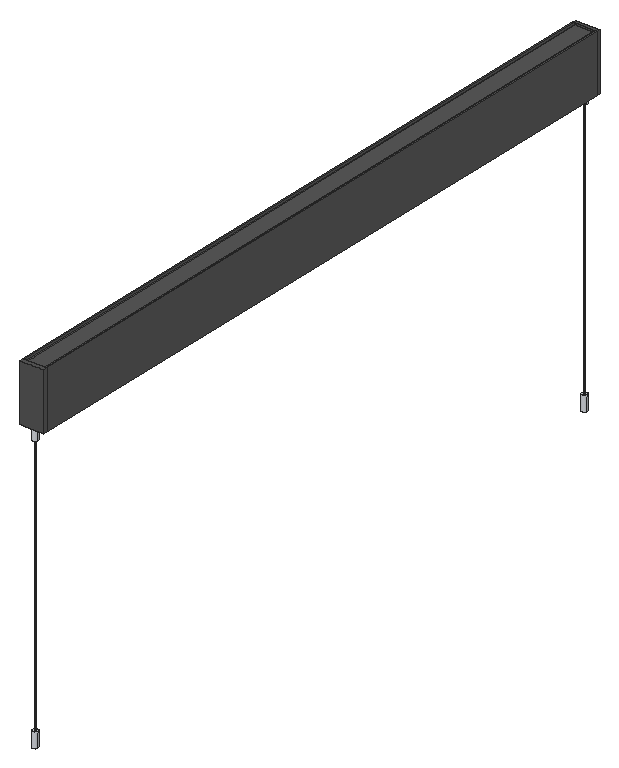
Revit family "EOS1.0-P-D", category Lighting Fixtures, host Face, Revit 2018
Family settings
  Host = Face
  Round Connector Dimension = Use Diameter
  Part Type = Normal
  Cut with Voids When Loaded = No
  Light Source = Yes
  Shared = Yes
  Room Calculation Point = Yes
Parameters (values of type "4' Direct")
  Wattage = 17.6471 W
  built-in parameter 1150110 = 1 (stored number, unit not read)
  Voltage = 0 V
  Type Comments = "LUX ILLUMINAIRE"
  built-in parameter 1114217 = 1 (stored number, unit not read)
  Tilt Angle = 90.00°
  built-in parameter 1150109 = 1 (stored number, unit not read)
  built-in parameter 1150134 = 12
  Switch Leg Visibility = no
  Switch Leg [instance] = ""
  Suspension Length [instance] = 2' - 0"
  built-in parameter 1150113 = 1 (stored number, unit not read)
  Photometric Web File = "EOS1.0-P-D-375-4-40K-8-UNV-S1.ies"
  Material [instance] = LUX ILLUMINAIRE Black
  Manufacturer = ""
  built-in parameter 1150105 = 119.37 (stored number, unit not read)
  Lumens = 1500 lm
  built-in parameter 1150115 = 1 (stored number, unit not read)
  built-in parameter 1150137 = (empty or 0)
  built-in parameter 1150139 = (empty or 0)
  built-in parameter 1150112 = 1 (stored number, unit not read)
  built-in parameter 1150114 = 1 (stored number, unit not read)
  Lamp = "LED"
  built-in parameter 1150132 = 2
  built-in parameter 1150102 = (empty or 0)
  built-in parameter 1150107 = 4000 (stored number, unit not read)
  built-in parameter 1150138 = (empty or 0)
  built-in parameter 1150106 = 1.1937 (stored number, unit not read)
  Fixture Width = 0' - 1 87/128"  # constant formula
  Fixture Symbol Visiblity = yes
  Fixture Length = 4' - 0"
  Emit from Rectangle Width = Fixture Width - 0' 0 1/4"  # 0' - 1 55/128"
  Emit from Rectangle Length = Fixture Length  # 4' - 0"
  Emit Shape Visible in Rendering = yes
  Emergency Lighting [instance] = no
  built-in parameter 1150104 = 7.8968 (stored number, unit not read)
  Dimming Lamp Color Temperature Shift = <None>
  Default Elevation = 4' - 0"
  Color Filter = 16777215
  built-in parameter 1140040 [instance] = 1
  built-in parameter 1114218 = 1 (stored number, unit not read)
  built-in parameter 1150133 = 10 (stored number, unit not read)
  Apparent Load = 17.6 VA
Types (7): name | Wattage | Type Comments | Manufacturer | built-in parameter 1150105 | Lumens | built-in parameter 1150106 | Fixture Length | Emit from Rectangle Length | Apparent Load
  2' Direct | 8.82353 W | "LUX ILLUMINAIRE" | "" | 59.683 (stored number, unit not read) | 750 lm | 0.59683 (stored number, unit not read) | 2' - 0" | 2' - 0" | 8.8 VA
  3' Direct | 13.2353 W | "LUX ILLUMINAIRE" | "" | 89.525 (stored number, unit not read) | 1125 lm | 0.89525 (stored number, unit not read) | 3' - 0" | 3' - 0" | 13.2 VA
  4' Direct | 17.6471 W | "LUX ILLUMINAIRE" | "" | 119.37 (stored number, unit not read) | 1500 lm | 1.1937 (stored number, unit not read) | 4' - 0" | 4' - 0" | 17.6 VA
  5' Direct | 22.0588 W | "LUX ILLUMINAIRE" | "" | 149.21 (stored number, unit not read) | 1875 lm | 1.4921 (stored number, unit not read) | 5' - 0" | 5' - 0" | 22 VA
  6' Direct | 26.4706 W | 0' - 0" | "LUX ILLUMINAIRE" | 179.05 (stored number, unit not read) | 2250 lm | 1.7905 (stored number, unit not read) | 6' - 0" | 6' - 0" | 26.4 VA
  7' Direct | 30.8824 W | 0' - 0" | "LUX ILLUMINAIRE" | 208.89 (stored number, unit not read) | 2625 lm | 2.0889 (stored number, unit not read) | 7' - 0" | 7' - 0" | 30.8 VA
  8' Direct | 35.2941 W | 0' - 0" | "LUX ILLUMINAIRE" | 238.73 (stored number, unit not read) | 3000 lm | 2.3873 (stored number, unit not read) | 8' - 0" | 8' - 0" | 35.2 VA
Reference planes (in)
  plane 1 "Center (Front/Back)": y = 0
  plane 2: z = 0
  plane 3 "Center (Left/Right)": x = 0
  plane 4: x = 0.83984
  plane 5: x = -0.83984
  plane 6: y = 24
  plane 7: y = -24
  plane 8: z = 24
  plane 9: y = 24.25
  plane 10: y = -24.25
  plane 11: z = 1
  plane 12: z = 20
  plane 13: z = 19.25
Forms (in)
  Extrusion 1, solid, material "LUX ILLUMINAIRE Black" <- "Material"
    sketch origin (0, 0, 0) x (1, 0, 0) y (0, 0, 1)
      loop
        line (-0.8401, 19.9985) -> (-0.437, 19.9985) -> (0.438, 19.9985) -> (0.8411, 19.9985) -> (0.8411, 24) -> (0.75611, 24) -> (0.75611, 23.887) -> (0.60412, 23.90497) -> (-0.60354, 23.90497) -> (-0.75511, 23.887) -> (-0.75511, 24) -> (-0.8401, 24) -> (-0.8401, 19.9985)
    from -24 to 24
  Extrusion 2, solid, material "LUX ILLUMINAIRE Black" <- "Material"
    sketch origin (0, 0, 0) x (1, 0, 0) y (0, 0, 1)
      loop
        line (-0.8401, 24) -> (-0.8401, 19.9985) -> (-0.437, 19.9985) -> (0.438, 19.9985) -> (0.8411, 19.9985) -> (0.8411, 24) -> (-0.8401, 24)
    from 24 to 24.25
  Extrusion 3, solid
    sketch origin (0, 0, 0) x (1, 0, 0) y (0, 1, 0)
      loop
        circle (0.00029, -24) r 0.1875
    from 0 to 1
  Extrusion 4, solid
    sketch origin (0, 0, 0) x (1, 0, 0) y (0, 1, 0)
      loop
        circle (0.0005, -24) r 0.03125
    from 1 to 19.25
  Extrusion 5, solid
    sketch origin (0, 0, 0) x (1, 0, 0) y (0, 1, 0)
      loop
        circle (0.0005, -24) r 0.18729
    from 19.25 to 20
  Extrusion 6, solid, not visible
    sketch origin (0, 0, 0) x (1, 0, 0) y (0, 1, 0)
      loop
        circle (0.00029, -24) r 0.1875
    from 0 to 1
  Extrusion 7, solid, not visible
    sketch origin (0, 0, 0) x (1, 0, 0) y (0, 1, 0)
      loop
        circle (0.0005, -24) r 0.03125
    from 1 to 13.33203
  Extrusion 8, solid, not visible
    sketch origin (0, 0, 0) x (1, 0, 0) y (0, 1, 0)
      loop
        circle (0.0005, -24) r 0.18729
    from 13.33203 to 14.08203
  Extrusion 9, solid, material "LUX ILLUMINAIRE Black" <- "Material"
    sketch origin (0.00056, 24, 0) x (1, 0, 0) y (0, 0, -1)
      loop
        line (-0.84041, -24) -> (0.83928, -24) -> (0.83928, -19.9985) -> (0.438, -19.9985) -> (-0.437, -19.9985) -> (-0.84041, -19.9985) -> (-0.84041, -24)
    from 0 to 0.25
  Extrusion 10, solid
    sketch origin (0, 0, 0) x (1, 0, 0) y (0, 1, 0)
      loop
        circle (0.00029, 24) r 0.1875
    from 0 to 1
  Extrusion 11, solid
    sketch origin (0, 0, 0) x (1, 0, 0) y (0, 1, 0)
      loop
        circle (0.0005, 24) r 0.03125
    from 1 to 19.25
  Extrusion 12, solid
    sketch origin (0, 0, 0) x (1, 0, 0) y (0, 1, 0)
      loop
        circle (0.0005, 24) r 0.18729
    from 19.25 to 20
Lines and regions (in)
  symbolic lines, visible <- "Fixture Symbol Visiblity"
    curve 1: line (-0.83984, 24, 0) -> (0.83984, 24, 0)
    curve 2: line (-0.83984, -24, 0) -> (-0.83984, 24, 0)
    curve 3: line (0.83984, -24, 0) -> (-0.83984, -24, 0)
    curve 4: line (0.83984, 24, 0) -> (0.83984, -24, 0)
Dimensions and locks (in)
  plane 5 to plane 4 = 0' - 1 87/128"
  equal spacing: plane 7, plane 1 "Center (Front/Back)", plane 6
  "Fixture Length": plane 7 to plane 6
  plane 8 to host face = 2' - 0"
  locked: plane 6 to plane 9 at 0.25
  locked: plane 10 to plane 7 at 0.25
  "Suspension Length": plane 8 to level
  "Fixture Width": plane 4 to plane 5
  equal spacing: plane 4, plane 3 "Center (Left/Right)", plane 5
  locked: nested 2 to plane 10 at 9.5
  plane 8 to plane 12 to plane 13 = 0' - 4" locked, 0' - 0 3/4"
  locked: plane 8 to imposter light at 0.05558
  aligned and locked: plane 2 to host face
  aligned and locked: level to host face
  aligned and locked: Extrusion 9 to plane 5
  aligned and locked: plane 4 to Extrusion 9
  aligned and locked: plane 6 to Extrusion 9
  aligned and locked: Extrusion 1 to plane 6
  aligned and locked: plane 10 to Extrusion 2
  aligned and locked: Extrusion 2 to plane 7
  aligned and locked: plane 7 to Extrusion 1
  aligned and locked: Extrusion 9 to plane 9
  aligned and locked: plane 12 to Extrusion 12
  aligned and locked: Extrusion 12 to plane 13
  aligned and locked: plane 13 to Extrusion 11
  aligned and locked: plane 12 to Extrusion 5
  aligned and locked: Extrusion 5 to plane 13
  aligned and locked: plane 13 to Extrusion 4
  aligned and locked: plane 7 to nested 1
  aligned and locked: plane 6 to curve 1
  aligned and locked: plane 5 to curve 2
  aligned and locked: curve 3 to plane 7
  aligned and locked: curve 4 to plane 4
  aligned and locked: nested 1 to plane 6
  aligned and locked: plane 8 to Extrusion 9
  aligned and locked: plane 8 to Extrusion 2
Automatic sketch dimensions
  host sketch curve to host sketch curve = 8' - 0"  (x2)
  Extrusion 1 sketch curve to plane 5 = 0' - 0.00025"
  plane 5 to Extrusion 1 sketch curve = 0' - 0.08474"  (x2)
  Extrusion 1 sketch curve to plane 8 = 0' - 0.113"  (x2)
  Extrusion 1 sketch curve to plane 8 = 0' - 0.09503"  (x2)
  Extrusion 1 sketch curve to Extrusion 1 sketch curve = 0' - 0.15157"
  Extrusion 1 sketch curve to plane 12 = 0' - 0.0015"
  Extrusion 1 sketch curve to plane 3 "Center (Left/Right)" = 0' - 0.437"
  plane 3 "Center (Left/Right)" to Extrusion 1 sketch curve = 0' - 0.438"
  Extrusion 1 sketch curve to plane 4 = 0' - 0.23572"
  Extrusion 1 sketch curve to plane 4 = 0' - 0.08373"  (x2)
  plane 4 to Extrusion 1 sketch curve = 0' - 0.00126"
  plane 8 to Extrusion 1 sketch curve = 0' - 0"  (x2)
  Extrusion 1 sketch curve to Extrusion 1 sketch curve = 0' - 0"  (x2)
  Extrusion 2 sketch curve to plane 5 = 0' - 0.00025"
  Extrusion 2 sketch curve to plane 12 = 0' - 0.0015"
  Extrusion 2 sketch curve to plane 3 "Center (Left/Right)" = 0' - 0.437"
  plane 3 "Center (Left/Right)" to Extrusion 2 sketch curve = 0' - 0.438"
  plane 4 to Extrusion 2 sketch curve = 0' - 0.00126"
  plane 8 to Extrusion 2 sketch curve = 0' - 0"
  plane 5 to Extrusion 9 sketch curve = 0' - 0"
  Extrusion 9 sketch curve to plane 12 = 0' - 0.0015"
  Extrusion 9 sketch curve to plane 3 "Center (Left/Right)" = 0' - 0.43644"
  plane 3 "Center (Left/Right)" to Extrusion 9 sketch curve = 0' - 0.43856"
  plane 4 to Extrusion 9 sketch curve = 0' - 0"
  plane 8 to Extrusion 9 sketch curve = 0' - 0"
  plane 7 to Extrusion 3 sketch curve = 0' - 0"
  plane 3 "Center (Left/Right)" to Extrusion 3 sketch curve = 0' - 0.00029"
  plane 7 to Extrusion 4 sketch curve = 0' - 0"
  plane 3 "Center (Left/Right)" to Extrusion 4 sketch curve = 0' - 0.0005"
  plane 7 to Extrusion 5 sketch curve = 0' - 0"
  plane 3 "Center (Left/Right)" to Extrusion 5 sketch curve = 0' - 0.0005"
  plane 6 to Extrusion 10 sketch curve = 0' - 0"
  plane 3 "Center (Left/Right)" to Extrusion 10 sketch curve = 0' - 0.00029"
  plane 6 to Extrusion 11 sketch curve = 0' - 0"
  plane 3 "Center (Left/Right)" to Extrusion 11 sketch curve = 0' - 0.0005"
  plane 6 to Extrusion 12 sketch curve = 0' - 0"
  plane 3 "Center (Left/Right)" to Extrusion 12 sketch curve = 0' - 0.0005"
  radius of Extrusion 3 sketch curve = 0' - 0 3/16"
  radius of Extrusion 4 sketch curve = 0' - 0 1/32"
  radius of Extrusion 5 sketch curve = 0' - 0.18729"
  radius of Extrusion 6 sketch curve = 0' - 0 3/16"
  radius of Extrusion 7 sketch curve = 0' - 0 1/32"
  radius of Extrusion 8 sketch curve = 0' - 0.18729"
  radius of Extrusion 10 sketch curve = 0' - 0 3/16"
  radius of Extrusion 11 sketch curve = 0' - 0 1/32"
  radius of Extrusion 12 sketch curve = 0' - 0.18729"
Nested families (in)
  nested 1: "Emergency Symbol Rectangle" at (-10.62175, 0, 0) x (0, 1, 0) z (0, 0, 1), visible <- "Emergency Lighting", type "Emergency Symbol Rectangle"
    with Width 0' - 7.42318", Length 4' - 0"
  nested 2: "Switch Leg Annotation" at (9.99627, -14.75, 0) x (0, 1, 0) z (0, 0, 1), visible <- "Switch Leg Visibility", Switch Leg Annotation <- "Switch Leg", type "Switch Leg Annotation"
    with Switch Leg Annotation ""
Connectors (in)
  electrical at (0.00029, 24, 0), driven by "Apparent Load", driven by "Voltage"
    settings: on Extrusion 10, index 1, voltage 0 V, apparent load 0 VA, apparent load phase1 17.6 VA, apparent load phase2 0 VA, apparent load phase3 0 VA, power factor 1, load classification "Other", number of poles 1, system type 31, power factor state 1, is connector primary yes, connector utility no, sub classification motor no, connector description ""
Definition of nested family "Emergency Symbol Rectangle"
  Parameters (values of type "Emergency Symbol Rectangle")
    Width [instance] = 0' - 8 1/2"
    Length [instance] = 5' - 0"
    Emergency Visibility = no
  Reference planes (in)
    plane 1 "Center (Front/Back)": y = -7.75
    plane 2: z = 0
    plane 3 "Center (Left/Right)": x = -24
    plane 4: x = 24
    plane 5: x = -36
    plane 6: y = -3.5
    plane 7: y = -12
  Lines and regions (in)
    Filled region 1, type "Solid Fill - Black", in view "Ref. Level", detail levels coarse+medium
      outline origin (0, 0.25, 0) x (1, 0, 0) y (0, 1, 0)
        loop
          line (-36, -12.25) -> (24, -12.25) -> (-36, -10.125) -> (-36, -12.25)
  Dimensions and locks (in)
    equal spacing: plane 7, plane 1 "Center (Front/Back)", plane 6
    "Width": plane 7 to plane 6
    "Length": plane 5 to plane 4
    aligned and locked: plane 5 to Filled region 1
  Automatic sketch dimensions
    plane 1 "Center (Front/Back)" to Filled region 1 sketch curve = 0' - 2 1/8"
    Filled region 1 sketch curve to plane 3 "Center (Left/Right)" = 1' - 0"
    Filled region 1 sketch curve to plane 4 = 0' - 0"
    Filled region 1 sketch curve to plane 7 = 0' - 0"
Definition of nested family "Switch Leg Annotation"
  Parameters (values of type "Switch Leg Annotation")
    Switch Leg Annotation [instance] = ""
  Reference planes (in)
    plane 1: y = 0
    plane 2: x = 0
  Text (in)
    label "a" at (0.00527, 0.01239, 0), shows "Switch Leg Annotation"
